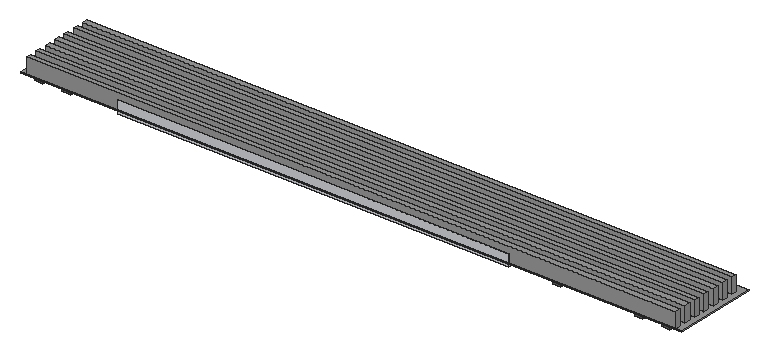
Revit family "1113-7, Veneer", category Generic Models, host Face, Revit 2020
Family settings
  Host = Face
  Can host rebar = No
  Round Connector Dimension = Use Diameter
  Part Type = Normal
  Cut with Voids When Loaded = No
  Shared = No
  Room Calculation Point = No
Parameters
  min_value [instance] = 1' - 11 1/4"  # constant formula
  max_value [instance] = 9' - 11 1/4"  # constant formula
  actual_value [instance] = if(NET LENGTH < min_value, min_value, if(NET LENGTH > max_value, max_value, NET LENGTH))  # 7' - 11 1/4"
  SCRIM MATERIAL [instance] = SCRIM
  SCRIM [instance] = yes
  NET LENGTH [instance] = 7' - 11 1/4"
  Default Elevation = 4' - 0"
  BACKER MATERIAL [instance] = BLACK-BACKERS
  .. MEMBER WIDTH [instance] = 0' - 0 3/4"  # constant formula
  .. MEMBER MATERIAL [instance] = Veneer Cherry
  .. MEMBER LENGTH [instance] = actual_value  # 7' - 11 1/4"
  .. MEMBER DEPTH [instance] = 0' - 2 1/4"  # constant formula
  .. MEMBER COUNT [instance] = 7  # constant formula
  IMPORTANT NOTE!!!                                                                             *Backer layout is for visualization purposes only, final layout to be determined by 9Wood. [instance] = ""
Reference planes (in)
  plane 1 "Center (Front/Back)": y = 0
  plane 2: z = 1.82209
  plane 3 "Center (Left/Right)": x = 0
Forms (in)
  Extrusion 1, solid
    sketch origin (132, -33.80483, 0) x (1, 0, 0) y (0, 1, 0)
      loop
        line (-118.625, 33.80483) -> (-61.26146, 33.80483) -> (-61.26146, 45.86733) -> (-118.625, 45.86733) -> (-118.625, 33.80483)
    from 1.82209 to 0
Dimensions and locks (in)
  aligned and locked: Extrusion 1 to plane 2
  aligned and locked: plane 3 "Center (Left/Right)" to nested 1
Nested families (in)
  nested 1: "1100 SERIES CONFIG" at (0, 2, 0), .. MEMBER DEPTH <- ".. MEMBER DEPTH", .. MEMBER LENGTH <- ".. MEMBER LENGTH", .. MEMBER WIDTH <- ".. MEMBER WIDTH", .. MEMBER MATERIAL <- ".. MEMBER MATERIAL", BACKING M MATERIAL <- "BACKER MATERIAL", SCRIM  MATERIAL <- "SCRIM MATERIAL", .. MEMBER COUNT <- ".. MEMBER COUNT", SCRIM <- "SCRIM", type "1100 SERIES CONFIG"
    with X 7' - 8", SCRIM OVERHANG 2 0' - 0 3/32", SCRIM OVERHANG 0' - 0 7/8", SCRIM LENGTH 8' - 1", SCRIM  MATERIAL SCRIM, SCRIM yes, NOMINAL LENGTH 7, N 8, Inset 6' - 0 3/8", INSET 0' - 1", INDEX 0' - 5 5/8", HALF MEMBER WIDTH 0' - 0 3/8", HALF LENGTH 3' - 11 5/8", END BACKER yes, BACKING M WIDTH 0' - 1 1/4", BACKING M OC SPACING 1' - 0", BACKING M MATERIAL BLACK-BACKERS, BACKING M LENGTH 0' - 11 7/8", BACKING M DEPTH 0' - 0 1/2", BACKING M COUNT 8, 3/16" INSET 0' - 0 3/16", .. MEMBER WIDTH 0' - 0 3/4", .. MEMBER OC SPACING 0' - 1.71429", .. MEMBER MATERIAL Veneer Cherry, .. MEMBER LENGTH 7' - 11 1/4", .. MEMBER DEPTH 0' - 2 1/4", .. MEMBER COUNT 7
Definition of nested family "1100 SERIES CONFIG"
  Parameters (values of type "1100 SERIES CONFIG")
    X [instance] = .. MEMBER LENGTH - 0' 3 1/4"  # 5' - 5"
    SCRIM OVERHANG 2 [instance] = 0' - 0 3/32"  # constant formula
    SCRIM OVERHANG [instance] = 0' - 0 7/8"  # constant formula
    SCRIM LENGTH [instance] = .. MEMBER LENGTH + (SCRIM OVERHANG * 2)  # 5' - 10"
    SCRIM  MATERIAL [instance] = none
    SCRIM [instance] = yes
    NOMINAL LENGTH [instance] = 7
    N [instance] = if((X - (rounddown(X / 1' 0") * 1' 0")) > 1' 0", rounddown(X / 1' 0") + 2, rounddown(X / 1' 0") + 1)  # 6
    Inset [instance] = 6' - 0 3/8"  # constant formula
    INSET [instance] = 0' - 1"  # constant formula
    END BACKER [instance] = INDEX > 0' 3 5/8"  # yes
    INDEX [instance] = (.. MEMBER LENGTH - ((N - 1) * 1' 0")) / 2  # 0' - 4 1/8"
    HALF MEMBER WIDTH [instance] = .. MEMBER WIDTH / 2  # 0' - 0 5/16"
    HALF LENGTH [instance] = .. MEMBER LENGTH / 2  # 2' - 10 1/8"
    Default Elevation = 0' - 0"
    BACKING M WIDTH [instance] = 0' - 1 1/4"
    BACKING M SPACING = 3' - 3"
    BACKING M MATERIAL [instance] = none
    BACKING M LENGTH [instance] = 0' - 11 7/8"
    BACKING M DEPTH [instance] = 0' - 0 1/2"
    BACKING M COUNT [instance] = N  # 6
    BACKING M OC SPACING [instance] = 1' - 0"  # constant formula
    3/16" INSET [instance] = 0' - 0 3/16"  # constant formula
    .. MEMBER WIDTH [instance] = 0' - 0 5/8"
    .. MEMBER OC SPACING [instance] = 1' 0" / .. MEMBER COUNT  # 0' - 4"
    .. MEMBER MATERIAL [instance] = none
    .. MEMBER LENGTH [instance] = 5' - 8 1/4"
    .. MEMBER DEPTH [instance] = 0' - 1 3/8"
    .. MEMBER COUNT [instance] = 3
  Reference planes (in)
    plane 1 "Center (Front/Back)": y = -2
    plane 2: z = 0
    plane 3 "Center (Left/Right)": x = 0
    plane 4: x = 1
    plane 5: x = 4.125
    plane 6: x = 34.125
    plane 7: x = 68.25
    plane 8: x = 67.25
    plane 9: x = 16.125
    plane 10: y = -1.8125
    plane 11: y = -1.6875
    plane 12: y = 2.3125
    plane 13: x = 69.125
    plane 14: x = -0.875
    plane 15: z = 0.5
    plane 16: z = 0.5625
    plane 17: y = 10.0625
    plane 18: y = 10.15625
    plane 19: y = -2.09375
  Dimensions and locks (in)
    "INSET": plane 3 "Center (Left/Right)" to plane 4
    "INDEX": plane 3 "Center (Left/Right)" to plane 5
    "HALF LENGTH": plane 3 "Center (Left/Right)" to plane 6
    ".. MEMBER LENGTH": plane 3 "Center (Left/Right)" to plane 7
    "INSET": plane 8 to plane 7
    equal spacing: group 2, group 3, group 6, group 7, group 8, group 9  (x3)
    "3/16" INSET": plane 1 "Center (Front/Back)" to plane 10
    ".. MEMBER OC SPACING": plane 12 to plane 11
    "SCRIM OVERHANG": plane 14 to plane 3 "Center (Left/Right)"
    "SCRIM OVERHANG": plane 7 to plane 13
    equal spacing: group 1, group 4, group 5  (x2)
    equal spacing: group 5, group 4, group 1
    "HALF MEMBER WIDTH": plane 1 "Center (Front/Back)" to plane 11
    "BACKING M OC SPACING": plane 5 to plane 9
    "SCRIM OVERHANG 2": plane 18 to plane 17
    "SCRIM OVERHANG 2": plane 19 to plane 1 "Center (Front/Back)"
    aligned and locked: level to plane 2
    aligned and locked: plane 6 to nested 1
    aligned and locked: nested 2 to plane 4
    aligned and locked: plane 5 to nested 3
    aligned and locked: plane 1 "Center (Front/Back)" to nested 1
    aligned and locked: nested 2 to plane 10
    aligned and locked: nested 3 to plane 10
    aligned and locked: nested 5 to plane 10
    aligned and locked: nested 4 to plane 10
    aligned and locked: nested 6 to plane 14
    aligned and locked: plane 12 to nested 7
    aligned and locked: nested 7 to plane 3 "Center (Left/Right)"
    aligned and locked: plane 9 to nested 5
    aligned and locked: plane 8 to nested 4
    aligned and locked: plane 15 to nested 2
    aligned and locked: nested 6 to plane 15
    aligned and locked: nested 1 to plane 16
    aligned and locked: nested 7 to plane 16
    aligned and locked: nested 6 to plane 19
  Nested families (in)
    nested 1: "INSTANCE - Parametric Cube" at (34.125, -1.6875, 1.9375), Length <- ".. MEMBER WIDTH", Height <- ".. MEMBER DEPTH", Width <- ".. MEMBER LENGTH", Material <- ".. MEMBER MATERIAL", type "INSTANCE - Parametric Cube"
      with Width 5' - 8 1/4", Material none, Length 0' - 0 5/8", Height 0' - 1 3/8"
    nested 2: "2ND INSTANCE - Parametric Cube" at (1.625, 4.125, 0), Height <- "BACKING M DEPTH", Length <- "BACKING M LENGTH", Width <- "BACKING M WIDTH", Material <- "BACKING M MATERIAL", visible <- "END BACKER", type "2ND INSTANCE - Parametric Cube"
      with Width 0' - 1 1/4", Material none, Length 0' - 11 7/8", Height 0' - 0 1/2"
    nested 3: "2ND INSTANCE - Parametric Cube" at (4.125, 4.125, 0), Length <- "BACKING M LENGTH", Height <- "BACKING M DEPTH", Width <- "BACKING M WIDTH", Material <- "BACKING M MATERIAL", type "2ND INSTANCE - Parametric Cube"
      with Width 0' - 1 1/4", Material none, Length 0' - 11 7/8", Height 0' - 0 1/2"
    nested 4: "2ND INSTANCE - Parametric Cube" at (66.625, 4.125, 0), Width <- "BACKING M WIDTH", Length <- "BACKING M LENGTH", Height <- "BACKING M DEPTH", Material <- "BACKING M MATERIAL", visible <- "END BACKER", type "2ND INSTANCE - Parametric Cube"
      with Width 0' - 1 1/4", Material none, Length 0' - 11 7/8", Height 0' - 0 1/2"
    nested 5: "2ND INSTANCE - Parametric Cube" at (16.125, 4.125, 0), Length <- "BACKING M LENGTH", Height <- "BACKING M DEPTH", Width <- "BACKING M WIDTH", Material <- "BACKING M MATERIAL", type "2ND INSTANCE - Parametric Cube"
      with Width 0' - 1 1/4", Material none, Length 0' - 11 7/8", Height 0' - 0 1/2"
    nested 6: "3RD INSTANCE - Parametric Cube" at (34.125, 4.0445, 0.5), Width <- "SCRIM LENGTH", Material <- "SCRIM  MATERIAL", visible <- "SCRIM", type "3RD INSTANCE - Parametric Cube"
      with Width 5' - 10", Material none, Length 1' - 0.27649", Height 0' - 0 1/16"
    nested 7: "INSTANCE - Parametric Cube" at (34.125, 2.3125, 1.9375), Length <- ".. MEMBER WIDTH", Height <- ".. MEMBER DEPTH", Width <- ".. MEMBER LENGTH", Material <- ".. MEMBER MATERIAL", type "INSTANCE - Parametric Cube"
      with Width 5' - 8 1/4", Material none, Length 0' - 0 5/8", Height 0' - 1 3/8"
    nested 8: "INSTANCE - Parametric Cube" at (34.125, 6.3125, 1.9375), Length <- ".. MEMBER WIDTH", Height <- ".. MEMBER DEPTH", Width <- ".. MEMBER LENGTH", Material <- ".. MEMBER MATERIAL", type "INSTANCE - Parametric Cube"
      with Width 5' - 8 1/4", Material none, Length 0' - 0 5/8", Height 0' - 1 3/8"
    nested 9: "2ND INSTANCE - Parametric Cube" at (28.125, 4.125, 0), Length <- "BACKING M LENGTH", Height <- "BACKING M DEPTH", Width <- "BACKING M WIDTH", Material <- "BACKING M MATERIAL", type "2ND INSTANCE - Parametric Cube"
      with Width 0' - 1 1/4", Material none, Length 0' - 11 7/8", Height 0' - 0 1/2"
    nested 10: "2ND INSTANCE - Parametric Cube" at (40.125, 4.125, 0), Length <- "BACKING M LENGTH", Height <- "BACKING M DEPTH", Width <- "BACKING M WIDTH", Material <- "BACKING M MATERIAL", type "2ND INSTANCE - Parametric Cube"
      with Width 0' - 1 1/4", Material none, Length 0' - 11 7/8", Height 0' - 0 1/2"
    nested 11: "2ND INSTANCE - Parametric Cube" at (52.125, 4.125, 0), Length <- "BACKING M LENGTH", Height <- "BACKING M DEPTH", Width <- "BACKING M WIDTH", Material <- "BACKING M MATERIAL", type "2ND INSTANCE - Parametric Cube"
      with Width 0' - 1 1/4", Material none, Length 0' - 11 7/8", Height 0' - 0 1/2"
    nested 12: "2ND INSTANCE - Parametric Cube" at (64.125, 4.125, 0), Length <- "BACKING M LENGTH", Height <- "BACKING M DEPTH", Width <- "BACKING M WIDTH", Material <- "BACKING M MATERIAL", type "2ND INSTANCE - Parametric Cube"
      with Width 0' - 1 1/4", Material none, Length 0' - 11 7/8", Height 0' - 0 1/2"
  Definition of nested family "INSTANCE - Parametric Cube"
    Parameters (values of type "INSTANCE - Parametric Cube")
      Width [instance] = 0' - 6"
      Material [instance] = none
      Length [instance] = 1' - 0"
      Height [instance] = 1' - 6"
      Default Elevation = 0' - 0"
    Reference planes (in)
      plane 1 "Center (Front/Back)": y = 0
      plane 2: z = 0
      plane 3 "Center (Left/Right)": x = 0
      plane 4: x = -3
      plane 5: x = 3
      plane 6: y = 6
      plane 7: y = -6
      plane 8: z = -18
    Forms (in)
      Extrusion 1, solid, material <- "Material"
        sketch origin (0, 0, 0) x (1, 0, 0) y (0, 1, 0)
          loop
            line (-3, 6) -> (-3, -6) -> (3, -6) -> (3, 6) -> (-3, 6)
        from -18 to 0
    Dimensions and locks (in)
      equal spacing: plane 4, plane 3 "Center (Left/Right)", plane 5
      equal spacing: plane 6, plane 1 "Center (Front/Back)", plane 7
      "Length": plane 6 to plane 7
      "Width": plane 4 to plane 5
      "Height": plane 8 to level
      aligned and locked: plane 2 to level
      aligned and locked: Extrusion 1 sketch curve to plane 6
      aligned and locked: plane 4 to Extrusion 1 sketch curve
      aligned and locked: plane 7 to Extrusion 1 sketch curve
      aligned and locked: Extrusion 1 sketch curve to plane 5
      aligned and locked: Extrusion 1 to plane 8
  Definition of nested family "2ND INSTANCE - Parametric Cube"
    Parameters (values of type "2ND INSTANCE - Parametric Cube")
      Width [instance] = 0' - 6"
      Material [instance] = none
      Length [instance] = 1' - 0"
      Height [instance] = 1' - 6"
      Default Elevation = 0' - 0"
    Reference planes (in)
      plane 1 "Center (Front/Back)": y = 0
      plane 2: z = 0
      plane 3 "Center (Left/Right)": x = 0
      plane 4: x = -3
      plane 5: x = 3
      plane 6: y = 6
      plane 7: y = -6
      plane 8: z = 18
    Forms (in)
      Extrusion 1, solid, material <- "Material"
        sketch origin (0, 0, 0) x (1, 0, 0) y (0, 1, 0)
          loop
            line (-3, 6) -> (-3, -6) -> (3, -6) -> (3, 6) -> (-3, 6)
        from 0 to 18
    Dimensions and locks (in)
      equal spacing: plane 4, plane 3 "Center (Left/Right)", plane 5
      equal spacing: plane 6, plane 1 "Center (Front/Back)", plane 7
      "Length": plane 6 to plane 7
      "Width": plane 4 to plane 5
      "Height": level to plane 8
      aligned and locked: plane 2 to level
      aligned and locked: Extrusion 1 sketch curve to plane 6
      aligned and locked: plane 4 to Extrusion 1 sketch curve
      aligned and locked: plane 7 to Extrusion 1 sketch curve
      aligned and locked: Extrusion 1 sketch curve to plane 5
      aligned and locked: plane 8 to Extrusion 1
      aligned and locked: Extrusion 1 to level
  Definition of nested family "3RD INSTANCE - Parametric Cube"
    Parameters (values of type "3RD INSTANCE - Parametric Cube")
      Width [instance] = 0' - 6"
      Material [instance] = none
      Length [instance] = 1' - 0"
      Height [instance] = 1' - 6"
      Default Elevation = 0' - 0"
    Reference planes (in)
      plane 1 "Center (Front/Back)": y = 0
      plane 2: z = 0
      plane 3 "Center (Left/Right)": x = 0
      plane 4: x = -3
      plane 5: x = 3
      plane 6: y = 6
      plane 7: y = -6
      plane 8: z = 18
    Forms (in)
      Extrusion 1, solid, material <- "Material"
        sketch origin (0, 0, 0) x (1, 0, 0) y (0, 1, 0)
          loop
            line (-3, 6) -> (-3, -6) -> (3, -6) -> (3, 6) -> (-3, 6)
        from 0 to 18
    Dimensions and locks (in)
      equal spacing: plane 4, plane 3 "Center (Left/Right)", plane 5
      equal spacing: plane 6, plane 1 "Center (Front/Back)", plane 7
      "Length": plane 6 to plane 7
      "Width": plane 4 to plane 5
      "Height": level to plane 8
      aligned and locked: plane 2 to level
      aligned and locked: Extrusion 1 sketch curve to plane 6
      aligned and locked: plane 4 to Extrusion 1 sketch curve
      aligned and locked: plane 7 to Extrusion 1 sketch curve
      aligned and locked: Extrusion 1 sketch curve to plane 5
      aligned and locked: plane 8 to Extrusion 1
      aligned and locked: Extrusion 1 to level
